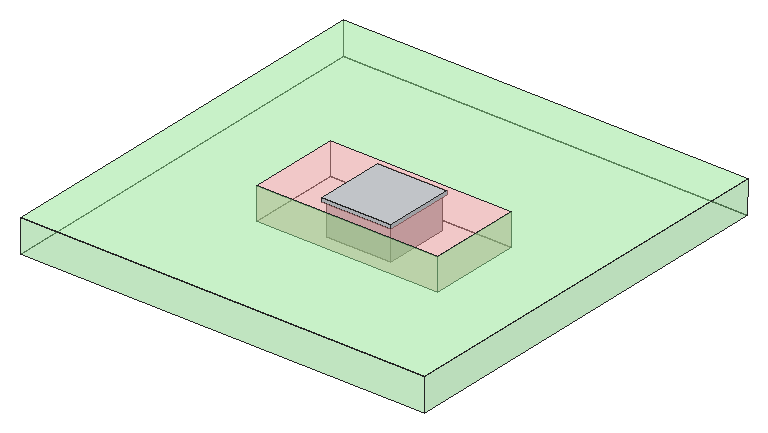
Revit family "BC_Hitachi_Cassette-RCIM-FSR-0.6-2.5_LOD200", category Mechanical Equipment, host Face, Revit 2018
Family settings
  Host = Face
  Round Connector Dimension = Use Diameter
  Part Type = Normal
  OmniClass Number = 23.75.70.00
  OmniClass Title = HVAC Distribution Devices
  Cut with Voids When Loaded = No
  Shared = No
  Room Calculation Point = No
Parameters (values of type "RCIM-0.6FSRE")
  Usage Current = 5 A
  Uniformat code = "D3040"
  Uniformat = "Distribution Systems"
  Sound power at rated load = 47
  Serice space [instance] = yes
  Refrigerant Type = "R410A / R32"
  Reference = "RCIM-0.8FSRE"
  Product Code = "7E414100"
  Overall width = 570.00 mm
  Overall height = 570.00 mm
  Overall depth = 285.00 mm
  Outlet Diameter = 32.00 mm
  Operation space [instance] = yes
  OmniClass description = "Air Handling Units"
  OmniClass code = "23-33 25 00"
  Number of Poles = 1
  Nominal Voltage = 230 V
  Name BIM&CO = "Indoor Unit"
  Model = "Cassette 600 x 600 RCIM FSR"
  Minimum Air Flow = 360.0 m³/h
  Minimum AC Voltage = 207 V
  Maximum Air Flow = 600.0 m³/h
  Maximum AC Voltage = 253 V
  Masterformat Code = "23 73 00"
  MasterFormat = "Indoor Central-Station Air-Handling Units"
  Mass = 19.00 kg
  Manufacturer Product Link = ""
  GTIN (Global Trade Item Number)  = ""
  Face Height = 620.00 mm
  Liquid Diameter = 6.35 mm
  Face Width = 620.00 mm
  Heating Capacity = 6.3 kW
  Gas Diameter = 12.70 mm
  Frequency = 50 Hz
  Fan motor input = 57 W
  Manufacturer = "HITACHI"
  Default Elevation = 1219.20 mm
  Description = "Compact cassette 600 x 600 .Fits perfectly into a false ceiling tile..Individual control setting for each louver."
  Cooling Capacity = 5.6 kW
  Type Comments = "RCIM-0.8FSRE"
  Color = "Neutral white (4.56Y8.85/0.38)"
  BC_VARIANT_ID = "508739"
  BC_OBJECT_VERSION = "#8"  # constant formula
  BC_OBJECT_ID = "209115"  # constant formula
  BC_MODEL_ID = ""  # constant formula
  Air Flow (HiH/Hi/Me/low) m3/min = "16/14/12/10"
  Acoustic Pressure Level Mini = 24.5
  Acoustic Pressure Level Maxi = 34
Types (7, lengths in mm): name | Sound power at rated load | Reference | Product Code | Minimum Air Flow | Maximum Air Flow | Mass | Liquid Diameter | Gas Diameter | Type Comments | BC_VARIANT_ID | Acoustic Pressure Level Mini | Acoustic Pressure Level Maxi
  RCIM-2.5FSRE | 60 | "RCIM-2.5FSRE" | "7E414104" | 600.0 m³/h | 960.0 m³/h | 20.00 kg | 9.52 | 15.88 | "RCIM-2.5FSRE" | "508738" | 35 | 47
  RCIM-0.6FSRE | 47 | "RCIM-0.8FSRE" | "7E414100" | 360.0 m³/h | 600.0 m³/h | 19.00 kg | 6.35 | 12.70 | "RCIM-0.8FSRE" | "508739" | 24.5 | 34
  RCIM-1.0FSRE | 51 | "RCIM-0.8FSRE" | "7E414100" | 360.0 m³/h | 720.0 m³/h | 19.00 kg | 6.35 | 12.70 | "RCIM-0.6FSRE" | "508740" | 24.5 | 38
  RCIM-1.5FSRE | 54 | "RCIM-1.0FSRE" | "7E414101" | 420.0 m³/h | 780.0 m³/h | 19.00 kg | 6.35 | 12.70 | "RCIM-1.0FSRE" | "508741" | 27.5 | 41
  RCIM-2.0FSRE | 56 | "RCIM-1.5FSRE" | "7E414102" | 480.0 m³/h | 900.0 m³/h | 20.00 kg | 6.35 | 12.70 | "RCIM-1.5FSRE" | "508742" | 31 | 45
  RCIM-0.4FSRE | 43 | "RCIM-0.8FSRE" | "7E414148" | 360.0 m³/h | 510.0 m³/h | 18.50 kg | 6.35 | 12.70 | "RCIM-0.4FSRE" | "508743" | 24.5 | 0
  RCIM-0.8FSRE | 50 | "RCIM-0.4FSRE" | "7E414148" | 360.0 m³/h | 660.0 m³/h | 19.00 kg | 6.35 | 12.70 | "RCIM-0.4FSRE" | "508744" | 24.5 | 36
Reference planes
  plane 1 "Centre (avant/arrière)": y = 0
  plane 2: z = 0
  plane 3 "Centre (gauche/droite)": x = 0
  plane 4 "AVANT": y = 285
  plane 5 "DROITE": x = 285
  plane 6 "GAUCHE": x = -285
  plane 7 "ARRIERE": y = -285
  plane 8: z = -285
  plane 9 "AVANT FACADE": y = 310
  plane 10 "ARRIER FACADE": y = -310
  plane 11 "GAUCHE FACADE": x = -310
  plane 12 "DROIT FACADE": x = 310
  plane 13 "Facade": z = 30
  plane 14 "Decalage connecteurs": y = 265
  plane 15 "A": x = -1810
  plane 16 "B": x = 1810
  plane 17: y = -1810
  plane 18: y = 1810
  plane 19 "L2": z = -295
  plane 20 "A bis": x = -810
  plane 21 "B bis": x = 810
  plane 22: y = 410
  plane 23: y = -410
Forms (mm)
  Extrusion 1, solid
    sketch origin (0, 0, 0) x (1, 0, 0) y (0, 1, 0)
      loop
        line (-145, 285) -> (-145, 265) -> (-285, 265) -> (-285, -285) -> (285, -285) -> (285, 285) -> (-145, 285)
    from 0 to -285
  Extrusion 2, solid
    sketch origin (0, 0, 0) x (1, 0, 0) y (0, 1, 0)
      loop
        line (-310, 310) -> (-310, -310) -> (310, -310) -> (310, 310) -> (-310, 310)
    from 0 to 30
  Extrusion 3, solid
    sketch origin (0, 265, 0) x (-1, 0, 0) y (0, 0, 1)
      loop
        circle (220, -145) r 6.35
    from 0 to 69
  Extrusion 4, solid
    sketch origin (0, 265, 0) x (-1, 0, 0) y (0, 0, 1)
      loop
        circle (169, -68) r 3.175
    from 0 to 84
  Extrusion 5, solid
    sketch origin (431, 285, 0) x (-1, 0, 0) y (0, 0, 1)
      loop
        circle (220, -108) r 16
    from 0 to 57
  Extrusion 6, solid
    sketch origin (0, 285, 0) x (-1, 0, 0) y (0, 0, 1)
      loop
        line (132.318, 0) -> (-161.185, 0) -> (-161.185, -285) -> (132.318, -285) -> (132.318, 0)
    from 0 to 50
  Extrusion 7, solid, material "Operation space", visible <- "Operation space"
    sketch origin (0, 0, -295) x (-1, 0, 0) y (0, -1, 0)
      loop
        line (1810, -1810) -> (1810, 1810) -> (-1810, 1810) -> (-1810, -1810) -> (1810, -1810)
    from 0 to 295
  Extrusion 8, solid, material "Service space"
    sketch origin (0, 0, -295) x (-1, 0, 0) y (0, -1, 0)
      loop
        line (810, -410) -> (810, 410) -> (-810, 410) -> (-810, -410) -> (810, -410)
    from 0 to 295
Lines and regions (mm)
  model lines, style "MechanicalEquipmentHiddenLines", visible <- "Operation space"
    curve 1: line (-1810, 1810, -295) -> (1810, 1810, -295)
    curve 2: line (-1810, -1810, -295) -> (-1810, 1810, -295)
    curve 3: line (1810, -1810, -295) -> (-1810, -1810, -295)
    curve 4: line (1810, 1810, -295) -> (1810, -1810, -295)
    curve 5: line (-1810, 1810, 0) -> (1810, 1810, 0)
    curve 6: line (-1810, -1810, 0) -> (-1810, 1810, 0)
    curve 7: line (1810, -1810, 0) -> (-1810, -1810, 0)
    curve 8: line (1810, 1810, 0) -> (1810, -1810, 0)
    curve 9: line (-1810, 1810, 0) -> (-1810, 1810, -295)
    curve 10: line (-1810, -1810, 0) -> (-1810, -1810, -295)
    curve 11: line (1810, 1810, 0) -> (1810, 1810, -295)
    curve 12: line (1810, -1810, 0) -> (1810, -1810, -295)
  model lines, style "MechanicalEquipmentHiddenLines", visible <- "Serice space"
    curve 13: line (-810, 410, 0) -> (810, 410, 0)
    curve 14: line (-810, -410, 0) -> (-810, 410, 0)
    curve 15: line (810, -410, 0) -> (-810, -410, 0)
    curve 16: line (810, 410, 0) -> (810, -410, 0)
    curve 17: line (-810, 410, -295) -> (810, 410, -295)
    curve 18: line (-810, -410, -295) -> (-810, 410, -295)
    curve 19: line (810, -410, -295) -> (-810, -410, -295)
    curve 20: line (810, 410, -295) -> (810, -410, -295)
    curve 21: line (-810, 410, 0) -> (-810, 410, -295)
    curve 22: line (-810, -410, 0) -> (-810, -410, -295)
    curve 23: line (810, 410, 0) -> (810, 410, -295)
    curve 24: line (810, -410, 0) -> (810, -410, -295)
Dimensions and locks
  equal spacing: plane 6 "GAUCHE", plane 3 "Centre (gauche/droite)", plane 5 "DROITE"
  equal spacing: plane 7 "ARRIERE", plane 1 "Centre (avant/arrière)", plane 4 "AVANT"
  "Overall height": plane 6 "GAUCHE" to plane 5 "DROITE"
  "Overall width": plane 4 "AVANT" to plane 7 "ARRIERE"
  "Overall depth": plane 2 to plane 8
  equal spacing: plane 11 "GAUCHE FACADE", plane 3 "Centre (gauche/droite)", plane 12 "DROIT FACADE"
  equal spacing: plane 10 "ARRIER FACADE", plane 1 "Centre (avant/arrière)", plane 9 "AVANT FACADE"
  "Face Height": plane 11 "GAUCHE FACADE" to plane 12 "DROIT FACADE"
  "Face Width": plane 10 "ARRIER FACADE" to plane 9 "AVANT FACADE"
  Extrusion 3 sketch curve to plane 8 = 140.00 mm
  plane 11 "GAUCHE FACADE" to Extrusion 3 sketch curve = 90.00 mm
  Extrusion 5 sketch curve to plane 8 = 177.00 mm
  locked: plane 12 "DROIT FACADE" to plane 16 "B" at 1500
  equal spacing: plane 15 "A", plane 3 "Centre (gauche/droite)", plane 16 "B"
  equal spacing: plane 18, plane 1 "Centre (avant/arrière)", plane 17
  locked: plane 18 to plane 9 "AVANT FACADE" at 1500
  locked: plane 8 to plane 19 "L2" at 10
  equal spacing: plane 20 "A bis", plane 3 "Centre (gauche/droite)", plane 21 "B bis"
  locked: plane 12 "DROIT FACADE" to plane 21 "B bis" at 500
  equal spacing: plane 22, plane 1 "Centre (avant/arrière)", plane 23
  locked: plane 23 to plane 10 "ARRIER FACADE" at 100
  "Gas Diameter": diameter of Extrusion 3 sketch curve
  "Liquid Diameter": diameter of Extrusion 4 sketch curve
  "Outlet Diameter": diameter of Extrusion 5 sketch curve
  aligned and locked: plane 2 to host face
  aligned and locked: level to host face
  aligned and locked: Extrusion 1 sketch curve to plane 4 "AVANT"
  aligned and locked: Extrusion 1 sketch curve to plane 6 "GAUCHE"
  aligned and locked: Extrusion 1 sketch curve to plane 7 "ARRIERE"
  aligned and locked: Extrusion 1 sketch curve to plane 5 "DROITE"
  aligned and locked: Extrusion 1 to plane 8
  aligned and locked: plane 14 "Decalage connecteurs" to Extrusion 1
  aligned and locked: curve 1 to plane 18
  aligned and locked: curve 2 to plane 15 "A"
  aligned and locked: curve 3 to plane 17
  aligned and locked: curve 4 to plane 16 "B"
  aligned and locked: curve 13 to plane 22
  aligned and locked: plane 20 "A bis" to curve 14
  aligned and locked: plane 23 to curve 15
  aligned and locked: curve 16 to plane 21 "B bis"
  aligned and locked: Extrusion 7 sketch curve to curve 1
  aligned and locked: Extrusion 7 sketch curve to curve 2
  aligned and locked: Extrusion 7 sketch curve to curve 3
  aligned and locked: Extrusion 7 sketch curve to curve 4
  aligned and locked: Extrusion 7 to level
  aligned and locked: Extrusion 8 sketch curve to curve 13
  aligned and locked: Extrusion 8 sketch curve to curve 14
  aligned and locked: Extrusion 8 sketch curve to curve 15
  aligned and locked: Extrusion 8 sketch curve to curve 16
  aligned and locked: level to Extrusion 8
Automatic sketch dimensions
  host sketch curve to host sketch curve = 2438.40 mm  (x2)
  plane 10 "ARRIER FACADE" to Extrusion 2 sketch curve = 0.00 mm
  Extrusion 2 sketch curve to plane 11 "GAUCHE FACADE" = 0.00 mm
  Extrusion 2 sketch curve to plane 12 "DROIT FACADE" = 0.00 mm
  Extrusion 2 sketch curve to plane 9 "AVANT FACADE" = 0.00 mm
  Extrusion 6 sketch curve to level = 0.00 mm
  Extrusion 6 sketch curve to plane 8 = 0.00 mm
  Extrusion 6 sketch curve to plane 5 "DROITE" = 123.815 mm
  Extrusion 6 sketch curve to plane 3 "Centre (gauche/droite)" = 132.318 mm
  Extrusion 1 sketch curve to plane 4 "AVANT" = 20.00 mm
  Extrusion 1 sketch curve to plane 6 "GAUCHE" = 140.00 mm
  curve 10 to level = 0.00 mm
  curve 10 to plane 17 = 0.00 mm
  curve 9 to plane 18 = 0.00 mm
  curve 9 to plane 19 "L2" = 0.00 mm
  curve 10 to plane 19 "L2" = 0.00 mm
  curve 9 to level = 0.00 mm
  curve 12 to level = 0.00 mm
  curve 12 to plane 17 = 0.00 mm
  curve 11 to plane 18 = 0.00 mm
  curve 11 to plane 19 "L2" = 0.00 mm
  curve 12 to plane 19 "L2" = 0.00 mm
  curve 11 to level = 0.00 mm
  curve 7 to plane 15 "A" = 0.00 mm
  curve 5 to plane 16 "B" = 0.00 mm
  plane 17 to curve 8 = 0.00 mm
  curve 6 to plane 18 = 0.00 mm
  curve 19 to plane 21 "B bis" = 0.00 mm
  curve 18 to plane 20 "A bis" = 0.00 mm
  curve 18 to plane 22 = 0.00 mm
  curve 20 to plane 23 = 0.00 mm
  curve 22 to level = 0.00 mm
  curve 22 to plane 23 = 0.00 mm
  curve 21 to plane 19 "L2" = 0.00 mm
  curve 21 to plane 22 = 0.00 mm
  curve 22 to plane 19 "L2" = 0.00 mm
  curve 21 to level = 0.00 mm
  curve 24 to level = 0.00 mm
  curve 24 to plane 23 = 0.00 mm
  curve 23 to plane 19 "L2" = 0.00 mm
  curve 23 to plane 22 = 0.00 mm
  curve 24 to plane 19 "L2" = 0.00 mm
  curve 23 to level = 0.00 mm
  Extrusion 4 sketch curve to plane 6 "GAUCHE" = 116.00 mm
  Extrusion 4 sketch curve to level = 68.00 mm
  Extrusion 5 sketch curve to plane 5 "DROITE" = 74.00 mm
Connectors
  piping at (-220, 334, -145), diameter 12.7, driven by "Gas Diameter"
    settings: on Extrusion 3, index 1, connector inside diameter 609.6 mm, connector length 0.00 mm, flow factor 0, pipe flow 0.0 L/s, pressure drop 0.0 Pa, fitting loss kfactor 0, connector angle 0.00°, fixture units 0, engagement length 0.00 mm, angle of deflection 0.00°, flow configuration 0, flow direction 0, fitting loss method 0, system type 29, joint type 0, gender type 0, connector reference index -1, connector utility 0, adjustable connector no, is connector primary yes, connector description ""
  piping at (-169, 349, -68), diameter 6.35, driven by "Liquid Diameter"
    settings: on Extrusion 4, index 2, connector inside diameter 609.6 mm, connector length 0.00 mm, flow factor 0, pipe flow 0.0 L/s, pressure drop 0.0 Pa, fitting loss kfactor 0, connector angle 0.00°, fixture units 0, engagement length 0.00 mm, angle of deflection 0.00°, flow configuration 0, flow direction 0, fitting loss method 0, system type 29, joint type 0, gender type 0, connector reference index -1, connector utility 0, adjustable connector no, is connector primary no, connector description ""
  piping at (211, 342, -108), diameter 32, driven by "Outlet Diameter"
    settings: on Extrusion 5, index 3, connector inside diameter 609.6 mm, connector length 0.00 mm, flow factor 0, pipe flow 0.0 L/s, pressure drop 0.0 Pa, fitting loss kfactor 0, connector angle 0.00°, fixture units 0, engagement length 0.00 mm, angle of deflection 0.00°, flow configuration 0, flow direction 0, fitting loss method 0, system type 16, joint type 0, gender type 0, connector reference index -1, connector utility 0, adjustable connector no, is connector primary no, connector description ""
  electrical at (14.434, 335, -142.5), driven by "Nominal Voltage"
    settings: on Extrusion 6, index 5, voltage 230 V, apparent load 0 VA, apparent load phase1 0 VA, apparent load phase2 0 VA, apparent load phase3 0 VA, power factor 1, load classification "Autre", number of poles 1, system type 30, power factor state 1, is connector primary yes, connector utility no, sub classification motor no, connector description ""
